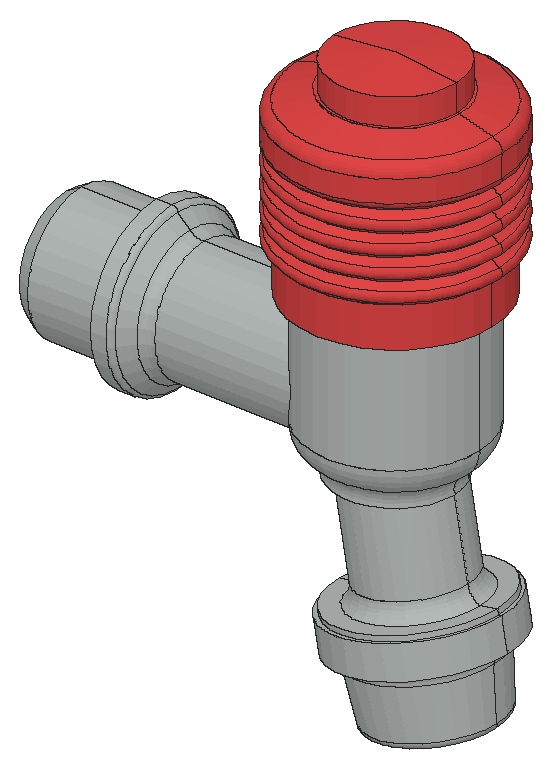
Revit family "QL01921015", category Apparecchi idraulici, Revit 2020
Family settings
  Quota connettore circolare = Usa diametro
  Tipo di parte = Normale
  Numero OmniClass = 23.45.00.00
  Titolo OmniClass = Sanitary, Laundry, and Cleaning Equipment
  Basato su piano di lavoro = No
  Sempre verticale = Sì
  Taglio con vuoti quando caricato = No
  Condiviso = No
  Punto di calcolo locali = No
Parameters
  URL = "https://web.cimberio.com/index.php/figura/1780?subcategoria_id=123"
  Temperatura di esercizio = "-10÷90°C"
  Prospetto di default = 0 mm
  Produttore = "CIMBERIO SPA"
  Pressione nominale = "PN 10"
  Modello = "Cim 40"
  Materiale = "Prodotto in lega di ottone conforme alla norma EN 12165-CW617N-DW"
  Descrizione = "Realizzato in ottemperanza ai requisiti gestionali della norma EN ISO 9001.\r\nUtilizzato per la regolazione della temperatura degli ambienti e comandare apparecchi degli impianti di riscaldamento e condizionamento."
  DN [instance] = 15 mm
  Commenti sul tipo = "Utilizzato per impianti idrici, applicazioni industriali ed agricole, in generale con ogni fluido non corrosivo.\r\nUtilizzato per impianti idrici, applicazioni industriali ed agricole, in generale con ogni fluido non corrosivo."
Reference planes
  plane 1 "Centro (Fronte/Retro)": y = 0
  plane 2: z = 0
  plane 3 "Centro (Sinistra/Destra)": x = 0
Forms (mm)
  Revolve 1, solid, material "Cim_Alluminio rosso"
    sketch origin (0, 0, 0) x (1, 0, 0) y (0, 0, 1)
      loop
        arc (-10, 41.2) -> (-12.601, 40.54) -> (-15.159, 39.73) r 46
        arc (-15.159, 39.73) -> (-16.131, 39) -> (-16.5, 37.842) r 2
        line (-16.5, 37.842) -> (-16.5, 34.412)
        arc (-16.5, 34.412) -> (-16.397, 33.97) -> (-16.109, 33.619) r 1
        line (-16.109, 33.619) -> (-14.989, 32.76) -> (-16.109, 31.9)
        arc (-16.109, 31.9) -> (-16.5, 31.107) -> (-16.109, 30.314) r 1
        line (-16.109, 30.314) -> (-14.989, 29.454) -> (-16.109, 28.595)
        arc (-16.109, 28.595) -> (-16.5, 27.802) -> (-16.109, 27.008) r 1
        line (-16.109, 27.008) -> (-14.989, 26.149) -> (-16.109, 25.289)
        arc (-16.109, 25.289) -> (-16.5, 24.496) -> (-16.109, 23.703) r 1
        line (-16.109, 23.703) -> (-14.989, 22.843) -> (-16.109, 21.984)
        arc (-16.109, 21.984) -> (-16.5, 21.191) -> (-16.109, 20.397) r 1
        line (-16.109, 20.397) -> (-15, 19.547) -> (-15, 13.3) -> (0, 13.3) -> (0, 41.2) -> (-10, 41.2)
      axis (0, 41.2) -> (0, 13.3)
    angle from 0 to 360
  Revolve 2, solid, material "Cim_Alluminio rosso"
    sketch origin (0, 0, 0) x (1, 0, 0) y (0, 0, 1)
      loop
        line (0, 41.2) -> (0, 46.249)
        arc (0, 46.249) -> (-4.774, 46.019) -> (-9.5, 45.308) r 47.415
        line (-9.5, 45.308) -> (-9.5, 41.2) -> (0, 41.2)
      axis (0, 46.249) -> (0, 41.2)
    angle from 0 to 360
  Revolve 3, solid, material "Cim_Lega di ottone filetto"
    sketch origin (0, 0, 0) x (1, 0, 0) y (0, 0, 1)
      loop
        line (-48.7, 10.35) -> (-51, 9.022) -> (-51, 7.506) -> (-37, 7.506) -> (-37, 10.35) -> (-48.7, 10.35)
      axis (-51, 0) -> (-37, 0)
    angle from 0 to 360
  Revolve 4, solid, material "Cim_Lega di ottone"
    sketch origin (0, 0, 0) x (1, 0, 0) y (0, 0, 1)
      loop
        line (-37, 7.5) -> (0, 7.5) -> (0, 9.5) -> (-29.757, 9.5)
        arc (-29.757, 9.5) -> (-30.905, 9.728) -> (-31.879, 10.379) r 3
        line (-31.879, 10.379) -> (-33.742, 12.242)
        arc (-33.742, 12.242) -> (-34.098, 12.659) -> (-34.624, 12.815) r 0.966
        line (-34.624, 12.815) -> (-37, 12.815) -> (-37, 7.5)
      axis (0, 0) -> (-37, 0)
    angle from 0 to 360
  Revolve 5, solid, material "Cim_Lega di ottone"
    sketch origin (0, 0, 0) x (1, 0, 0) y (0, 0, 1)
      loop
        line (0, 13.3) -> (0, -12.042) -> (9.118, -12.042)
        arc (9.118, -12.042) -> (9.347, -10.268) -> (10.545, -8.94) r 3
        arc (10.545, -8.94) -> (12.343, -7.113) -> (13, -4.636) r 5
        line (13, -4.636) -> (13, 13.3) -> (0, 13.3)
      axis (0, -12.042) -> (0, 13.3)
    angle from 0 to 360
  Revolve 6, solid, material "Cim_Lega di ottone"
    sketch origin (0, 0, 0) x (1, 0, 0) y (0, 0, 1)
      loop
        line (11.179, -23.731) -> (8.249, -7.114) -> (0.223, -8.529) -> (3.656, -28) -> (13.872, -26.198)
        arc (13.872, -26.198) -> (12.107, -25.421) -> (11.179, -23.731) r 3
      axis (3.656, -28) -> (0.223, -8.529)
    angle from 0 to 360
  Revolve 7, solid, material "Cim_Lega di ottone"
    sketch origin (0, 0, 0) x (1, 0, 0) y (0, 0, 1)
      loop
        line (6.414, -44.025) -> (14.955, -42.519)
        arc (14.955, -42.519) -> (15.567, -42.152) -> (15.78, -41.471) r 1
        line (15.78, -41.471) -> (15.277, -33.424)
        arc (15.277, -33.424) -> (15.444, -32.358) -> (16.045, -31.461) r 2.5
        line (16.045, -31.461) -> (17.404, -31.222) -> (16.538, -26.196) -> (3.67, -28.465) -> (6.414, -44.025)
      axis (6.414, -44.025) -> (3.67, -28.465)
    angle from 0 to 360
  Revolve 8, solid, material "Cim_Lega di ottone"
    sketch origin (0, 0, 0) x (1, 0, 0) y (0, 0, 1)
      loop
        line (15.833, -25.508) -> (3.597, -27.665) -> (3.736, -28.453) -> (15.972, -26.295) -> (15.833, -25.508)
      axis (3.597, -27.665) -> (3.771, -28.65)
    angle from 0 to 360
Dimensions and locks
  aligned and locked: level to plane 2
Connectors
  piping at (-51, 0, 0), diameter 15, driven by "DN"
    settings: on Revolve 3, index 1, connector inside diameter 609.6 mm, connector length 0 mm, flow factor 0, pipe flow 0.0 L/s, pressure drop 0.0 Pa, fitting loss kfactor 0, connector angle 0.00°, fixture units 0, engagement length 0 mm, angle of deflection 0.00°, flow configuration 0, flow direction 0, fitting loss method 0, system type 7, joint type 0, gender type 0, connector reference index -1, connector utility 0, adjustable connector no, is connector primary yes, connector description ""
  piping at (4.556, 0, -33.487), diameter 15, driven by "DN"
    settings: on Revolve 7, index 2, connector inside diameter 609.6 mm, connector length 0 mm, flow factor 0, pipe flow 0.0 L/s, pressure drop 0.0 Pa, fitting loss kfactor 0, connector angle 0.00°, fixture units 0, engagement length 0 mm, angle of deflection 0.00°, flow configuration 0, flow direction 0, fitting loss method 0, system type 7, joint type 0, gender type 0, connector reference index -1, connector utility 0, adjustable connector no, is connector primary no, connector description ""
